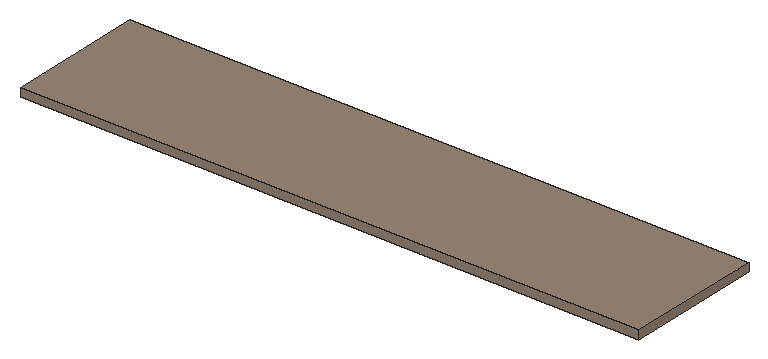
Revit family "Storage_Top-Teknion-CCCT_Credenza_Top-R2021", category Furniture, Revit 2021
Family settings
  OmniClass Number = 23.40.20.00
  OmniClass Title = General Furniture and Specialties
  Work Plane-Based = No
  Always vertical = Yes
  Cut with Voids When Loaded = No
  Shared = Yes
  Room Calculation Point = No
Parameters (values of type "24" Depth")
  Width [instance] = 108.000"
  Warranty = "http://www.teknion.com/ca/papers/legal-canada"
  Unit Weight URL = "http://www.teknion.com/ca/tools/assets#&asset=bee6a381-b954-425e-8283-5a2de3a804f2,f828d448-4b62-4231-9e5f-9a8991c0ed77"
  URL = "www.teknion.com"
  Top Finishes [instance] = Veneer -Teknion - UU - Rustic Oak - Sierra
  To render please download texture images found here [instance] = "https://assets.teknion.com/web/5e81352c1dfdb467/revit-material-swatches/"
  Sustainability Data = "https://www.teknion.com/ca/tools/assets#&topic=216f99a5-57a0-44fc-b10a-9dee9b29ae4c&asset=444deb64-fe58-4b68-981e-f75e97781df7,b4ff2d81-9f2e-437d-9659-7cffb09c31cf"
  Series = "Chronicle"  # constant formula
  Product Page URL = "https://www.teknion.com/ca/pricing-module/chronicle-specifying"
  Product Line = "Chronicle"  # constant formula
  Product Documentation Link = "https://www.teknion.com/pricing/chronicle/pdfs/Credenzas_ppg.pdf"
  Part Number = "CCCT"  # constant formula
  Model = "CCCT24"
  Manufacturer Phone = "416-661-3370"  # constant formula
  Manufacturer Fax = "416.661.4586"  # constant formula
  Manufacturer Contact Information = "http://www.teknion.com/ca/contactus"
  Manufacturer Address = "1150 Flint Road, Toronto, ON. M3J 2J5. Canada"  # constant formula
  Manufacturer = "Teknion"  # constant formula
  How To Use Teknion Materials User Guide [instance] = "https://assets.teknion.com/m/205dd0a49fa58060/original/How-to-add-a-Material-Library-and-Texture-Images-to-your-Revit-project.pdf"
  For Additional Finishes please visit [instance] = "https://assets.teknion.com/m/44a8009b046e5d47/original/Teknion_Materials_Library.zip"
  Description = "Credenza Top 24\"Depth"
  Depth = 24.000"
  Default Elevation = 0.000"
  Available Width [instance] = "18,30,36,42,48,54,60,66,72,78,84,90,96,102,108 inch"  # constant formula
  Assembly Code = "E2020200"
Types (3): name | Top Finishes | Product Page URL | Product Documentation Link | Model | Description | Depth
  (no name) | Veneer -Teknion - UU - Rustic Oak - Sierra | "https://www.teknion.com/ca/pricing-module/chronicle-specifying" | "https://www.teknion.com/pricing/chronicle/pdfs/Credenzas_ppg.pdf" | "CCCT24" | "Credenza Top 24\"Depth" | 24.000"
  20" Depth | Veneer - Teknion - U3 - Natural Walnut | "" | "" | "CCCT20" | "Credenza Top 20\" Depth" | 20.000"
  24" Depth | Veneer -Teknion - UU - Rustic Oak - Sierra | "https://www.teknion.com/ca/pricing-module/chronicle-specifying" | "https://www.teknion.com/pricing/chronicle/pdfs/Credenzas_ppg.pdf" | "CCCT24" | "Credenza Top 24\"Depth" | 24.000"
Reference planes (in)
  plane 1 "Center Front/Back": y = -1362
  plane 2: z = 0
  plane 3 "Center Left/Right": x = 1704
  plane 4 "Left": x = 1650
  plane 5 "Right": x = 1758
  plane 6 "Back": y = -1350
  plane 7 "Front": y = -1374
  plane 8 "Top": z = 29
Forms (in)
  Sweep 1, solid, material "Veneer -Teknion - UU - Rustic Oak - Sierra" <- "Top Finishes"
    path origin (0, -1362, 0) x (1, 0, 0) y (0, 0, 1)
      loop
        line (1704, 29) -> (1704, 27.5)
    profile origin (1704, -1362, 28.25) x (0, -1, 0) y (1, 0, 0)
      loop
        line (-12, -54) -> (12, -54) -> (12, 54) -> (-12, 54) -> (-12, -54)
Lines and regions (in)
  Masking region 1
    outline origin (0, 0, 0) x (1, 0, 0) y (0, 1, 0)
      loop
        line (1758, -1350) -> (1650, -1350) -> (1650, -1374) -> (1758, -1374) -> (1758, -1350)
  reference lines
    curve 1: line (1650, -1350, 0) -> (1650, -1374, 0)
    curve 2: line (1650, -1350, 0) -> (1758, -1350, 0)
    curve 3: line (1650, -1374, 0) -> (1758, -1374, 0)
    curve 4: line (1758, -1350, 0) -> (1758, -1374, 0)
Dimensions and locks (in)
  "Width": plane 4 "Left" to plane 5 "Right"
  "Depth": plane 6 "Back" to plane 7 "Front"
  locked: plane 8 "Top" to level at 29
  equal spacing: plane 4 "Left", plane 3 "Center Left/Right", plane 5 "Right"
  equal spacing: plane 6 "Back", plane 1 "Center Front/Back", plane 7 "Front"
  locked: Sweep 1 sketch curve to Sweep 1 sketch curve at 1.5
  aligned and locked: level to plane 2
  aligned and locked: Sweep 1 sketch curve to plane 3 "Center Left/Right"
  aligned and locked: plane 8 "Top" to Sweep 1 sketch curve
  aligned and locked: plane 6 "Back" to Sweep 1 sketch curve
  aligned and locked: Sweep 1 sketch curve to plane 4 "Left"
  aligned and locked: plane 7 "Front" to Sweep 1 sketch curve
  aligned and locked: Sweep 1 sketch curve to plane 5 "Right"
  aligned and locked: curve 1 to plane 4 "Left"
  aligned and locked: curve 2 to plane 6 "Back"
  aligned and locked: plane 7 "Front" to curve 3
  aligned and locked: curve 4 to plane 5 "Right"
  aligned and locked: Masking region 1 sketch curve to Sweep 1  (x4)
  aligned and locked: plane 4 "Left" to nested 1
  aligned and locked: nested 2 to plane 4 "Left"
  aligned and locked: nested 2 to plane 7 "Front"
  aligned and locked: plane 7 "Front" to nested 5
  aligned and locked: nested 5 to plane 5 "Right"
  aligned and locked: nested 4 to plane 5 "Right"
  aligned and locked: nested 4 to plane 6 "Back"
  aligned and locked: nested 1 to plane 6 "Back"
Nested families (in)
  nested 1: "Teknion_2D_Node_Family-R2016" at (1650, -1350, 0), type "Teknion_2D_Node_Family-R2016"
  nested 2: "Teknion_2D_Node_Family-R2016" at (1650, -1374, 0), type "Teknion_2D_Node_Family-R2016"
  nested 3: "Teknion_2D_Node_Family-R2016" at (1704, -1362, 0), type "Teknion_2D_Node_Family-R2016"
  nested 4: "Teknion_2D_Node_Family-R2016" at (1758, -1350, 0), type "Teknion_2D_Node_Family-R2016"
  nested 5: "Teknion_2D_Node_Family-R2016" at (1758, -1374, 0), type "Teknion_2D_Node_Family-R2016"
Definition of nested family "Teknion_2D_Node_Family-R2016"
  Reference planes (in)
    plane 1 "Center (Front/Back)": y = 0
    plane 2: z = 0
    plane 3 "Center (Left/Right)": x = 0
  Lines and regions (in)
    detail lines, in view "Ref. Level"
      curve 1: circle (0, 0, 0) r 1.25 normal (0, 0, 1)
      curve 2: line (1.91508, -1.91508, 0) -> (-1.91508, 1.91508, 0)
      curve 3: line (-1.91508, -1.91508, 0) -> (1.91508, 1.91508, 0)
